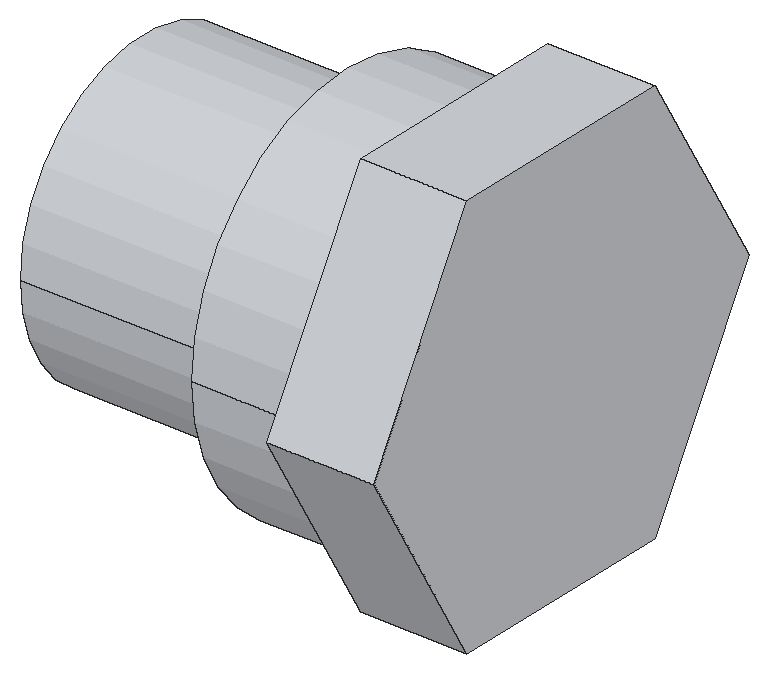
Revit family "Conector - Soldado x Rosqueado F - CU", category Conexões de tubo, Revit 2019
Family settings
  Cota do conector redondo = Usar raio
  Tipo de parte = Transição
  Com base no plano de trabalho = Não
  Sempre na vertical = Sim
  Corte com vazios quando carregada = Não
  Compartilhado = Não
Parameters (values of type "Padrão")
  Espessura da parede [instance] = size_lookup(Nome da tabela de pesquisa, "WThk", 0.01 * Diâmetro nominal 1 + 0.4 mm, Diâmetro nominal 1)  # 0.63 mm
  Tamanho da marca de revisão [instance] = Diâmetro externo da conexão * 0.4  # 8.8 mm
  Largura do soquete [instance] = size_lookup(Nome da tabela de pesquisa, "SWid", 0.37 * Diâmetro nominal 1 + 8.5 mm, Diâmetro nominal 1)  # 15.6 mm
  Raio 3 [instance] = Raio 2 * 1.2  # 17.82 mm
  Raio 2 [instance] = Raio externo da conexão * 1.35  # 14.85 mm
  Raio nominal 2 [instance] = 10 mm
  Diâmetro nominal 2 [instance] = Raio nominal 2 * 2  # 20 mm
  Nome da tabela de pesquisa = "BR_Connector - Soldered x Threaded F - CU"
  Comprimento 3 [instance] = Raio 3 * (1 - sin(60.00°))  # 2.387 mm
  Comprimento 2 [instance] = Raio 3 * cos(60.00°)  # 8.91 mm
  Comprimento 1 [instance] = 0.4 * Largura do soquete  # 6.24 mm
  Comprimento [instance] = size_lookup(Nome da tabela de pesquisa, "Lgt", 0.67 * Diâmetro nominal 1 + 19.6 mm, Diâmetro nominal 1)  # 31.8 mm
  Raio externo do soquete [instance] = Diâmetro externo do soquete / 2  # 11.63 mm
  Diâmetro externo do soquete [instance] = Diâmetro nominal 1 + 2 * Espessura da parede  # 23.26 mm
  Raio nominal 1 [instance] = 11 mm
  Diâmetro nominal 1 [instance] = Raio nominal 1 * 2  # 22 mm
  Método de perda = Coeficiente K da tabela
  Tabela de coeficiente K = "Transição de contração/alargamento"
  Raio externo da conexão [instance] = Diâmetro externo da conexão / 2  # 11 mm
  Diâmetro externo da conexão [instance] = Diâmetro nominal 1  # 22 mm
Reference planes
  plane 1 "Centro (frente/trás)": y = 0
  plane 2: z = 0
  plane 3 "Centro (direita/esquerda)": x = 0
  plane 4: x = 31.8
  plane 5: y = 11.63
  plane 6: y = -11.63
  plane 7: x = 15.6
  plane 8: x = 23.7
  plane 9: y = 17.82
  plane 10: y = -17.82
  plane 11: z = 17.82
  plane 12: z = -17.82
  plane 13: z = 15.433
  plane 14: y = 8.91
  plane 15: y = -8.91
  plane 16: z = -15.433
Forms (mm)
  Sweep 1, solid, detail levels fine
    path origin (0, 0, 0) x (1, 0, 0) y (0, 1, 0)
      loop
        line (0, 0) -> (15.6, 0)
    profile origin (7.8, 0, 0) x (0, 1, 0) y (0, 0, 1)
      loop
        circle (0, 0) r 11.63
  Extrusion 2, solid, detail levels fine
    sketch origin (0, 0, 0) x (0, 1, 0) y (0, 0, 1)
      loop
        circle (0, 0) r 14.85
    from 15.6 to 23.7
  Extrusion 3, solid, detail levels fine
    sketch origin (0, 0, 0) x (0, 1, 0) y (0, 0, 1)
      loop
        line (8.91, 15.433) -> (-8.91, 15.433) -> (-17.82, 0) -> (-8.91, -15.433) -> (8.91, -15.433) -> (17.82, 0) -> (8.91, 15.433)
    from 23.7 to 31.8
Cuts and joins
  joined: Sweep 1, Extrusion 2, Extrusion 3
Lines and regions (mm)
  model lines, detail levels coarse+medium
    curve 1: line (0, 0, 0) -> (31.8, 0, 0)
    curve 2: line (0, 0, 0) -> (0, 8.8, 0)
    curve 3: line (0, 0, 0) -> (0, -8.8, 0)
    curve 4: line (31.8, 0, 0) -> (31.8, 8.8, 0)
    curve 5: line (31.8, 0, 0) -> (31.8, -8.8, 0)
Dimensions and locks
  "Comprimento": plane 3 "Centro (direita/esquerda)" to plane 4
  "Raio externo do soquete": plane 5 to plane 1 "Centro (frente/trás)"
  equal spacing: plane 5, plane 1 "Centro (frente/trás)", plane 6
  "Largura do soquete": plane 3 "Centro (direita/esquerda)" to plane 7
  "Raio 3": plane 9 to plane 1 "Centro (frente/trás)"
  "Raio 3": plane 1 "Centro (frente/trás)" to plane 10
  "Raio 3": plane 11 to plane 2
  "Raio 3": plane 12 to plane 2
  "Comprimento 3": plane 11 to plane 13
  "Comprimento 2": plane 14 to plane 1 "Centro (frente/trás)"
  "Comprimento 2": plane 1 "Centro (frente/trás)" to plane 15
  "Comprimento 3": plane 12 to plane 16
  "Tamanho da marca de revisão": plane 1 "Centro (frente/trás)" to curve 2
  "Tamanho da marca de revisão": curve 3 to plane 1 "Centro (frente/trás)"
  "Tamanho da marca de revisão": plane 1 "Centro (frente/trás)" to curve 4
  "Tamanho da marca de revisão": curve 5 to plane 1 "Centro (frente/trás)"
  equal spacing: plane 7, plane 8, plane 4
  "Raio externo do soquete": radius of Sweep 1 sketch curve
  "Raio 2": radius of Extrusion 2 sketch curve
  aligned and locked: plane 3 "Centro (direita/esquerda)" to Sweep 1 sketch curve
  aligned and locked: plane 2 to Extrusion 2 sketch curve
  aligned and locked: plane 1 "Centro (frente/trás)" to Extrusion 2 sketch curve
  aligned and locked: plane 8 to Extrusion 2
  aligned and locked: Extrusion 3 sketch curve to plane 13
  aligned and locked: plane 14 to Extrusion 3 sketch curve  (x2)
  aligned and locked: plane 15 to Extrusion 3 sketch curve  (x2)
  aligned and locked: Extrusion 3 sketch curve to plane 16
  aligned and locked: plane 16 to Extrusion 3 sketch curve
  aligned and locked: plane 9 to Extrusion 3 sketch curve
  aligned and locked: plane 2 to Extrusion 3 sketch curve  (x2)
  aligned and locked: plane 13 to Extrusion 3 sketch curve
  aligned and locked: plane 10 to Extrusion 3 sketch curve
  aligned and locked: Extrusion 3 to plane 8
  aligned and locked: plane 4 to Extrusion 3
  aligned and locked: plane 1 "Centro (frente/trás)" to curve 1
  aligned and locked: plane 3 "Centro (direita/esquerda)" to curve 2
  aligned and locked: plane 3 "Centro (direita/esquerda)" to curve 3
  aligned and locked: curve 5 to plane 4
  aligned and locked: cut or joined group of Sweep 1, Extrusion 2, Extrusion 3 to plane 7
Automatic sketch dimensions
  plane 1 "Centro (frente/trás)" to Sweep 1 sketch curve = 0 mm
  Sweep 1 sketch curve to plane 7 = 0 mm
  Sweep 1 sketch curve to level = 0 mm
  Sweep 1 sketch curve to profile plane = 0 mm
Connectors
  piping at (0, 0, 0), diameter 22, driven by "Raio nominal 1"
    settings: on Sweep 1, index 1, connector inside diameter 22 mm, connector length 0 mm, flow factor 0, pipe flow 0.0 L/s, pressure drop 0.0 Pa, fitting loss kfactor 0, connector angle 0.00°, fixture units 0, engagement length 0 mm, angle of deflection 0.00°, flow configuration 0, flow direction 0, fitting loss method 0, system type 28, joint type 0, gender type 0, connector reference index 2, connector utility 0, adjustable connector no, is connector primary yes, connector description ""
  piping at (31.8, 0, 0), diameter 20, driven by "Raio nominal 2"
    settings: on Extrusion 3, index 2, connector inside diameter 20 mm, connector length 0 mm, flow factor 0, pipe flow 0.0 L/s, pressure drop 0.0 Pa, fitting loss kfactor 0, connector angle 0.00°, fixture units 0, engagement length 0 mm, angle of deflection 0.00°, flow configuration 0, flow direction 0, fitting loss method 0, system type 28, joint type 0, gender type 0, connector reference index 1, connector utility 0, adjustable connector no, is connector primary no, connector description ""
